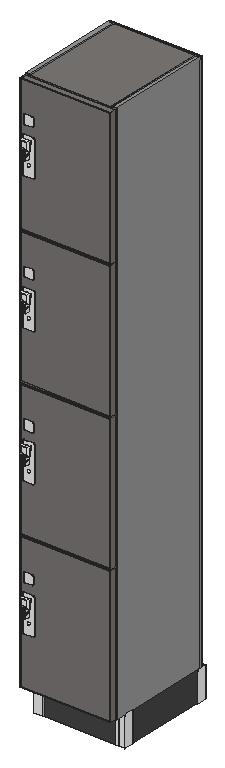
Revit family "Wood_Lockers_Hasps-Salsbury_Industries-44000_Series-1_Wide_Units.rfa", category Specialty Equipment, Revit 2016
Family settings
  Part Type = Normal
  Round Connector Dimension = Use Diameter
  OmniClass Number = 23.40.00.00
  OmniClass Title = Equipment and Furnishings
  Work Plane-Based = No
  Always vertical = Yes
  Cut with Voids When Loaded = No
  Shared = No
  Room Calculation Point = No
Parameters (values of type "44165")
  Width = 12.000"
  Version = "1.0 (01/31/24)"
  Unit Height including Sloping Hood Only [instance] = 77.743"
  Unit Height including Base Only [instance] = 76.000"
  URL = "www.lockers.com"
  Type Comments = "Premier Wood Lockers - Four Tier - with Hasps"
  Total Doors Height [instance] = if(Unit Height = 72.000", 71.750", if(Unit Height = 60.000", 59.750", 0.000"))  # 71.750"
  Sloping Top Corner Filler - Right Side [instance] = Wood Locker Sloping Corner Fillers : None
  Sloping Top Corner Filler - Left Side [instance] = Wood Locker Sloping Corner Fillers : None
  Sloping In-Line Filler - Right Side [instance] = Wood Locker Sloping In-Line Fillers : None
  Sloping In-Line Filler - Left Side [instance] = Wood Locker Sloping In-Line Fillers : None
  Sloping Hood Height = if(Depth = 15.000", 5.743", if(Depth = 18.000", 6.868", if(Depth = 21.000", 7.993", if(Depth = 24.000", 9.118", 0.000"))))  # 5.743"
  Sloping Hood [instance] = Wood Locker Sloping Hoods : None
  Side Panel without Slope - Right Side [instance] = Wood Locker Side Panels-No Slope : None
  Side Panel without Slope - Left Side [instance] = Wood Locker Side Panels-No Slope : None
  Side Panel with Slope - Right Side [instance] = Wood Locker Side Panels-With Slope : None
  Side Panel with Slope - Left Side [instance] = Wood Locker Side Panels-With Slope : None
  Secondary Structure Materials = Particle Board Industrial Grade - Salsbury Finish - Black Melamine Overlay
  Primary Structure Materials = Particle Board Industrial Grade - Salsbury Finish - Plain
  Overall Unit Height including Base and Sloping Hood [instance] = 81.743"
  OmniClass 23 Title = "Equipment and Furnishings"
  OmniClass 23 Number = "23.40.00.00"
  Model = "44165"
  MasterFormat Title = "Lockers"
  MasterFormat Code = "10 51 23"
  Manufacturer = "Salsbury Industries"
  Laminate Surface [instance] = Industrial Grade Particleboard with Wood Laminate - Salsbury Finish - Skyline Walnut
  Interior Material = Textured Melamine - Salsbury Finish - White
  Individual Door Width [instance] = 11.875"
  Unit Height = 72.000"
  Individual Door Height = if(Unit Height = 72.000", 17.796", if(Unit Height = 60.000", 14.796", 0.000"))  # 17.796"
  Hardware = Aluminum - Salsbury Finish - Black Satin
  Front Vertical Filler - Right Side [instance] = Wood Locker Front Fillers : None
  Front Vertical Filler - Left Side [instance] = Wood Locker Front Fillers : None
  Front Corner Filler - Right Side [instance] = Wood Locker Front Corner Filler : None
  Front Corner Filler - Left Side [instance] = Wood Locker Front Corner Filler : None
  Flat Top In-Line Filler - Right Side [instance] = Wood Locker Flat In-Line Fillers : None
  Flat Top In-Line Filler - Left Side [instance] = Wood Locker Flat In-Line Fillers : None
  Flat Top Corner Filler - Right Side [instance] = Wood Locker Flat Corner Fillers : None
  Flat Top Corner Filler - Left Side [instance] = Wood Locker Flat Corner Fillers : None
  Fascia Filler [instance] = Wood Locker Fascia Fillers : None
  Double Side Panel without Slope - Right Side [instance] = Wood Locker Double Side Panels-No Slope : None
  Double Side Panel without Slope - Left Side [instance] = Wood Locker Double Side Panels-No Slope : None
  Double Side Panel with Slope - Right Side [instance] = Wood Locker Double Side Panels-With Slope : None
  Double Side Panel with Slope - Left Side [instance] = Wood Locker Double Side Panels-With Slope : None
  Door Location D1 = Premier Locker Doors_Hasp : Four Tier Door for Six Foot High Locker
  Description = "1 Wide - 6 Feet High - 15 inches Deep - with Base"
  Depth = 15.000"
  Compartment Width [instance] = 10.750"
  Compartment Height [instance] = if(Unit Height = 72.000", 17.063", if(Unit Height = 60.000", 14.063", 0.000"))  # 17.063"
  Compartment Depth [instance] = 13.750"
  Base Material = Particle Board Industrial Grade - Salsbury Finish - Black Melamine Overlay
  Base Height = 4.000"
  Base Depth [instance] = 13.250"
  Base = Wood Locker Bases : Base - 12" W x 15" D Lockers
  Assembly Code = "C1030310"
Reference planes (in)
  plane 1 "Center (Front/Back)": y = 0
  plane 2: z = 0
  plane 3 "Center (Left/Right)": x = 0
  plane 4 "Right Side of Unit": x = 6
  plane 5 "Left Side of Unit": x = -6
  plane 6 "Back of Unit": y = 7.5
  plane 7 "Front of Unit": y = -7.5
  plane 8 "Bottom of Base": z = 0
  plane 9 "Top Edge of Unit": z = 76
  plane 10 "Top of Base Edge": z = 4
  plane 11: z = 81.743
  plane 12 "Right Compartment Edge": x = 5.406
  plane 13 "Left Compartment Edge": x = -5.406
  plane 14 "Front Melamine Edge": y = -6.5
  plane 15 "Back Compartment Edge": y = 7.281
  plane 16 "Front Compartment Edge": y = -6.469
  plane 17 "Front Edge of Base": y = -5.125
  plane 18 "Bottom Edge of Door": z = 4.125
  plane 19 "Top Edge of Door": z = 75.875
  plane 20 "Bottom Compartment Edge": z = 4.75
  plane 21 "Top Compartment Edge": z = 75.25
  plane 22 "Center Top and Bottom": z = 40
  plane 23 "Left Melamine Edge": x = -5.375
  plane 24 "Right Melamine Edge": x = 5.375
  plane 25 "Back Melamine Edge": y = 7.25
  plane 26 "Left Edge of Door": x = -5.875
  plane 27: y = 8.125
  plane 28: y = -5.75
  plane 29 "Base / Ventillation Alignment": y = 8.125
  plane 30 "Compartment Shelf 3": z = 22.563
  plane 31: z = 21.813
  plane 32: z = 21.921
  plane 33: z = 22.109
  plane 34: z = 39.626
  plane 35 "Compartment Shelf 2": z = 40.376
  plane 36: z = 39.905
  plane 37: z = 40.093
  plane 38: z = 57.439
  plane 39 "Compartment Shelf 1": z = 58.189
  plane 40: z = 57.889
  plane 41: z = 58.077
Forms (in)
  Extrusion 1, solid, material "Particle Board Industrial Grade - Salsbury Finish - Plain" <- "Primary Structure Materials"
    sketch origin (6, 0, 0) x (0, -1, 0) y (0, 0, 1)
      loop
        line (6.469, 76) -> (-7.25, 76) -> (-7.25, 4) -> (6.469, 4) -> (6.469, 76)
    from 0 to 0.594
  Extrusion 2, solid, material "Particle Board Industrial Grade - Salsbury Finish - Plain" <- "Primary Structure Materials"
    sketch origin (-6, 0, 0) x (0, -1, 0) y (0, 0, 1)
      loop
        line (-7.25, 76) -> (-7.25, 4) -> (6.469, 4) -> (6.469, 76) -> (-7.25, 76)
    from 0 to -0.594
  Extrusion 3, solid, material "Textured Melamine - Salsbury Finish - White" <- "Interior Material"
    sketch origin (0, 0, 4) x (0, -1, 0) y (1, 0, 0)
      loop
        line (-7.25, -5.375) -> (6.469, -5.375) -> (6.469, 5.375) -> (-7.25, 5.375) -> (-7.25, -5.375)
    from 0 to 0.75
  Extrusion 4, solid, material "Industrial Grade Particleboard with Wood Laminate - Salsbury Finish - Skyline Walnut" <- "Laminate Surface"
    sketch origin (0.375, 0.375, 76) x (1, 0, 0) y (0, 1, 0)
      loop
        line (-5.75, -6.875) -> (5, -6.875) -> (5, 6.875) -> (-5.75, 6.875) -> (-5.75, -6.875)
    from 0 to -0.75
  Extrusion 5, solid, material "Particle Board Industrial Grade - Salsbury Finish - Plain" <- "Primary Structure Materials"
    sketch origin (0, 7.5, 0) x (1, 0, 0) y (0, 0, 1)
      loop
        line (-6, 76) -> (-6, 4) -> (6, 4) -> (6, 76) -> (-6, 76)
    from 0 to 0.219
  Extrusion 6, solid, material "Industrial Grade Particleboard with Wood Laminate - Salsbury Finish - Skyline Walnut" <- "Laminate Surface"
    sketch origin (0, -6.469, 0) x (1, 0, 0) y (0, 0, 1)
      loop
        line (-6, 76) -> (-6, 4) -> (-5.375, 4) -> (-5.375, 76) -> (-6, 76)
    from 0 to 0.031
  Extrusion 7, solid, material "Industrial Grade Particleboard with Wood Laminate - Salsbury Finish - Skyline Walnut" <- "Laminate Surface"
    sketch origin (0, -6.469, 0) x (-1, 0, 0) y (0, 0, -1)
      loop
        line (-6, -76) -> (-5.375, -76) -> (-5.375, -4) -> (-6, -4) -> (-6, -76)
    from 0 to 0.031
  Extrusion 8, solid, material "Textured Melamine - Salsbury Finish - White" <- "Interior Material"
    sketch origin (0, 7.25, 0) x (1, 0, 0) y (0, 0, 1)
      loop
        line (-6, 76) -> (-6, 4) -> (6, 4) -> (6, 76) -> (-6, 76)
    from -0.031 to 0
  Extrusion 9, solid, material "Textured Melamine - Salsbury Finish - White" <- "Interior Material"
    sketch origin (-5.406, 0, 0) x (0, -1, 0) y (0, 0, 1)
      loop
        line (-7.25, 76) -> (-7.25, 4) -> (6.469, 4) -> (6.469, 76) -> (-7.25, 76)
    from 0 to -0.031
  Extrusion 10, solid, material "Textured Melamine - Salsbury Finish - White" <- "Interior Material"
    sketch origin (5.406, 0, 0) x (0, -1, 0) y (0, 0, 1)
      loop
        line (6.469, 76) -> (-7.25, 76) -> (-7.25, 4) -> (6.469, 4) -> (6.469, 76)
    from 0 to 0.031
  Extrusion 11, solid, material "Textured Melamine - Salsbury Finish - White" <- "Interior Material", detail levels fine
    sketch origin (0, 0, 22.563) x (0, -1, 0) y (1, 0, 0)
      loop
        line (-7.25, -5.375) -> (6.469, -5.375) -> (6.469, 5.375) -> (-7.25, 5.375) -> (-7.25, -5.375)
    from 0 to -0.75
  Extrusion 12, solid, material "Textured Melamine - Salsbury Finish - White" <- "Interior Material", detail levels fine
    sketch origin (0, 0, 40.376) x (0, -1, 0) y (1, 0, 0)
      loop
        line (-7.25, -5.375) -> (6.469, -5.375) -> (6.469, 5.375) -> (-7.25, 5.375) -> (-7.25, -5.375)
    from 0 to -0.75
  Extrusion 13, solid, material "Textured Melamine - Salsbury Finish - White" <- "Interior Material", detail levels fine
    sketch origin (0, 0, 58.189) x (0, -1, 0) y (1, 0, 0)
      loop
        line (-7.25, -5.375) -> (6.469, -5.375) -> (6.469, 5.375) -> (-7.25, 5.375) -> (-7.25, -5.375)
    from 0 to -0.75
  Extrusion 14, solid, material "Industrial Grade Particleboard with Wood Laminate - Salsbury Finish - Skyline Walnut" <- "Laminate Surface"
    sketch origin (0, -6.5, 0) x (1, 0, 0) y (0, 0, 1)
      loop
        line (-5.375, 58.189) -> (-5.375, 57.439) -> (5.375, 57.439) -> (5.375, 58.189) -> (-5.375, 58.189)
    from 0 to -0.031
  Extrusion 15, solid, material "Industrial Grade Particleboard with Wood Laminate - Salsbury Finish - Skyline Walnut" <- "Laminate Surface"
    sketch origin (0, -6.5, 0) x (1, 0, 0) y (0, 0, 1)
      loop
        line (-5.375, 40.376) -> (-5.375, 39.626) -> (5.375, 39.626) -> (5.375, 40.376) -> (-5.375, 40.376)
    from 0 to -0.031
  Extrusion 16, solid, material "Industrial Grade Particleboard with Wood Laminate - Salsbury Finish - Skyline Walnut" <- "Laminate Surface"
    sketch origin (0, -6.5, 0) x (1, 0, 0) y (0, 0, 1)
      loop
        line (-5.375, 22.563) -> (-5.375, 21.813) -> (5.375, 21.813) -> (5.375, 22.563) -> (-5.375, 22.563)
    from 0 to -0.031
  Extrusion 17, solid, material "Industrial Grade Particleboard with Wood Laminate - Salsbury Finish - Skyline Walnut" <- "Laminate Surface"
    sketch origin (0, -6.5, 0) x (1, 0, 0) y (0, 0, 1)
      loop
        line (-5.375, 4.75) -> (-5.375, 4) -> (5.375, 4) -> (5.375, 4.75) -> (-5.375, 4.75)
    from 0 to -0.031
Lines and regions (in)
  symbolic lines
    curve 1: line (-6, 7.25, 76) -> (6.00006, 7.25, 76)
    curve 2: line (-6, 7.25, 0) -> (-6, 7.25, 76)
    curve 3: line (6.00006, 7.25, 76) -> (6.00006, 7.25, 0)
    curve 4: line (5.406, -6.5, 76) -> (5.406, 8.125, 76)
    curve 5: line (5.406, -6.5, 0) -> (5.406, -6.5, 76)
    curve 6: line (5.406, 8.125, 76) -> (5.406, 8.125, 0)
    curve 7: line (6.00006, 7.25, 0) -> (-6, 7.25, 0)
    curve 8: line (5.406, -5.125, 0) -> (5.406, 8.125, 0)
    curve 9: line (5.406, 8.125, 0) -> (5.406, -5.125, 0)
    curve 10: line (5.406, -6.5, 0) -> (5.406, 8.125, 0)
    curve 11: line (-6, 8.125, 0) -> (6, 8.125, 0)
    curve 12: line (-6, -6.5, 0) -> (-6, 8.125, 0)
    curve 13: line (6, -6.5, 0) -> (-6, -6.5, 0)
    curve 14: line (6, 8.125, 0) -> (6, -6.5, 0)
Dimensions and locks (in)
  equal spacing: plane 5 "Left Side of Unit", plane 3 "Center (Left/Right)", plane 4 "Right Side of Unit"
  "Width": plane 5 "Left Side of Unit" to plane 4 "Right Side of Unit"
  equal spacing: plane 7 "Front of Unit", plane 1 "Center (Front/Back)", plane 6 "Back of Unit"
  "Depth": plane 7 "Front of Unit" to plane 6 "Back of Unit"
  "Base Height": plane 10 "Top of Base Edge" to plane 8 "Bottom of Base"
  "Unit Height": plane 9 "Top Edge of Unit" to plane 10 "Top of Base Edge"
  "Sloping Hood Height": plane 11 to plane 9 "Top Edge of Unit"
  locked: plane 12 "Right Compartment Edge" to plane 4 "Right Side of Unit" at 0.594
  locked: plane 5 "Left Side of Unit" to plane 13 "Left Compartment Edge" at 0.594
  locked: plane 7 "Front of Unit" to plane 14 "Front Melamine Edge" at 1
  locked: plane 15 "Back Compartment Edge" to plane 6 "Back of Unit" at 0.219
  locked: plane 14 "Front Melamine Edge" to plane 16 "Front Compartment Edge" at 0.031
  plane 18 "Bottom Edge of Door" to plane 10 "Top of Base Edge" = 0.125"
  plane 9 "Top Edge of Unit" to plane 19 "Top Edge of Door" = 0.125"
  plane 20 "Bottom Compartment Edge" to plane 10 "Top of Base Edge" = 0.750"
  plane 9 "Top Edge of Unit" to plane 21 "Top Compartment Edge" = 0.750"
  equal spacing: plane 9 "Top Edge of Unit", plane 22 "Center Top and Bottom", plane 10 "Top of Base Edge"
  locked: plane 24 "Right Melamine Edge" to plane 12 "Right Compartment Edge" at 0.031
  locked: plane 13 "Left Compartment Edge" to plane 23 "Left Melamine Edge" at 0.031
  locked: plane 25 "Back Melamine Edge" to plane 15 "Back Compartment Edge" at 0.031
  locked: plane 5 "Left Side of Unit" to plane 26 "Left Edge of Door" at 0.125
  "Individual Door Width": plane 26 "Left Edge of Door" to plane 4 "Right Side of Unit"
  "Total Doors Height": plane 19 "Top Edge of Door" to plane 18 "Bottom Edge of Door"
  "Unit Height including Base Only": plane 9 "Top Edge of Unit" to plane 8 "Bottom of Base"
  "Unit Height including Sloping Hood Only": plane 11 to plane 10 "Top of Base Edge"
  "Overall Unit Height including Base and Sloping Hood": plane 11 to plane 8 "Bottom of Base"
  locked: plane 7 "Front of Unit" to plane 17 "Front Edge of Base" at 2.375
  locked: plane 6 "Back of Unit" to plane 27 at 0.625
  "Base Depth": plane 17 "Front Edge of Base" to plane 27
  "Compartment Width": plane 23 "Left Melamine Edge" to plane 24 "Right Melamine Edge"
  "Compartment Height": plane 31 to plane 20 "Bottom Compartment Edge"
  "Compartment Depth": plane 14 "Front Melamine Edge" to plane 25 "Back Melamine Edge"
  locked: plane 14 "Front Melamine Edge" to plane 28 at 0.75
  plane 14 "Front Melamine Edge" to plane 27 = 14.625"
  Extrusion 2 to Extrusion 9 = 13.719"
  plane 6 "Back of Unit" to plane 29 "Base / Ventillation Alignment" = 0.625"
  locked: plane 30 "Compartment Shelf 3" to plane 31 at 0.75
  locked: plane 33 to plane 32 at 0.188
  "Individual Door Height": plane 32 to plane 18 "Bottom Edge of Door"
  locked: plane 35 "Compartment Shelf 2" to plane 34 at 0.75
  locked: plane 37 to plane 36 at 0.188
  "Compartment Height": plane 34 to plane 30 "Compartment Shelf 3"
  "Individual Door Height": plane 36 to plane 33
  locked: plane 39 "Compartment Shelf 1" to plane 38 at 0.75
  locked: plane 41 to plane 40 at 0.188
  "Compartment Height": plane 38 to plane 35 "Compartment Shelf 2"
  "Individual Door Height": plane 40 to plane 37
  aligned and locked: level to plane 2
  aligned and locked: plane 15 "Back Compartment Edge" to Extrusion 5
  aligned and locked: plane 4 "Right Side of Unit" to nested 1
  aligned and locked: plane 18 "Bottom Edge of Door" to nested 1
  aligned and locked: plane 7 "Front of Unit" to nested 1
  aligned and locked: plane 9 "Top Edge of Unit" to nested 2
  aligned and locked: plane 14 "Front Melamine Edge" to nested 2
  aligned and locked: plane 5 "Left Side of Unit" to nested 3
  aligned and locked: plane 14 "Front Melamine Edge" to nested 3
  aligned and locked: plane 9 "Top Edge of Unit" to nested 3
  aligned and locked: plane 4 "Right Side of Unit" to nested 4
  aligned and locked: nested 4 to plane 9 "Top Edge of Unit"
  aligned and locked: nested 4 to plane 14 "Front Melamine Edge"
  aligned and locked: plane 9 "Top Edge of Unit" to nested 5
  aligned and locked: plane 28 to nested 5
  aligned and locked: nested 6 to plane 28
  aligned and locked: plane 5 "Left Side of Unit" to nested 6
  aligned and locked: plane 4 "Right Side of Unit" to nested 5
  aligned and locked: nested 6 to plane 9 "Top Edge of Unit"
  aligned and locked: nested 8 to plane 5 "Left Side of Unit"
  aligned and locked: nested 7 to plane 4 "Right Side of Unit"
  aligned and locked: plane 14 "Front Melamine Edge" to nested 7
  aligned and locked: nested 8 to plane 14 "Front Melamine Edge"
  aligned and locked: plane 10 "Top of Base Edge" to nested 7
  aligned and locked: nested 8 to plane 10 "Top of Base Edge"
  aligned and locked: plane 5 "Left Side of Unit" to nested 9
  aligned and locked: plane 4 "Right Side of Unit" to nested 10
  aligned and locked: nested 10 to plane 10 "Top of Base Edge"
  aligned and locked: plane 10 "Top of Base Edge" to nested 9
  aligned and locked: plane 16 "Front Compartment Edge" to nested 10
  aligned and locked: nested 9 to plane 14 "Front Melamine Edge"
  aligned and locked: plane 4 "Right Side of Unit" to nested 11
  aligned and locked: nested 11 to plane 10 "Top of Base Edge"
  aligned and locked: plane 14 "Front Melamine Edge" to nested 11
  aligned and locked: plane 14 "Front Melamine Edge" to nested 12
  aligned and locked: nested 12 to nested 4
  aligned and locked: plane 10 "Top of Base Edge" to nested 12
  aligned and locked: nested 13 to plane 5 "Left Side of Unit"
  aligned and locked: nested 13 to plane 14 "Front Melamine Edge"
  aligned and locked: nested 13 to plane 10 "Top of Base Edge"
  aligned and locked: plane 14 "Front Melamine Edge" to nested 14
  aligned and locked: nested 14 to plane 4 "Right Side of Unit"
  aligned and locked: nested 15 to plane 14 "Front Melamine Edge"
  aligned and locked: nested 15 to plane 5 "Left Side of Unit"
  aligned and locked: plane 10 "Top of Base Edge" to nested 14
  aligned and locked: nested 15 to plane 10 "Top of Base Edge"
  aligned and locked: plane 14 "Front Melamine Edge" to nested 16
  aligned and locked: plane 4 "Right Side of Unit" to nested 16
  aligned and locked: nested 17 to plane 14 "Front Melamine Edge"
  aligned and locked: plane 5 "Left Side of Unit" to nested 17
  aligned and locked: nested 16 to plane 8 "Bottom of Base"
  aligned and locked: nested 17 to plane 8 "Bottom of Base"
  aligned and locked: nested 18 to plane 5 "Left Side of Unit"
  aligned and locked: nested 19 to plane 4 "Right Side of Unit"
  aligned and locked: nested 19 to plane 14 "Front Melamine Edge"
  aligned and locked: plane 14 "Front Melamine Edge" to nested 18
  aligned and locked: plane 8 "Bottom of Base" to nested 19
  aligned and locked: nested 18 to plane 8 "Bottom of Base"
  aligned and locked: plane 17 "Front Edge of Base" to nested 20
  aligned and locked: plane 9 "Top Edge of Unit" to nested 21
  aligned and locked: plane 5 "Left Side of Unit" to nested 21
  aligned and locked: nested 22 to plane 9 "Top Edge of Unit"
  aligned and locked: plane 4 "Right Side of Unit" to nested 22
  aligned and locked: nested 22 to plane 14 "Front Melamine Edge"
  aligned and locked: nested 21 to plane 14 "Front Melamine Edge"
  aligned and locked: nested 24 to plane 9 "Top Edge of Unit"
  aligned and locked: plane 4 "Right Side of Unit" to nested 24
  aligned and locked: nested 23 to plane 9 "Top Edge of Unit"
  aligned and locked: plane 5 "Left Side of Unit" to nested 23
  aligned and locked: nested 24 to plane 28
  aligned and locked: nested 23 to plane 28
  aligned and locked: plane 14 "Front Melamine Edge" to nested 25
  aligned and locked: plane 9 "Top Edge of Unit" to nested 25
  aligned and locked: plane 8 "Bottom of Base" to nested 20
  aligned and locked: plane 3 "Center (Left/Right)" to nested 20
  aligned and locked: plane 25 "Back Melamine Edge" to Extrusion 3 sketch curve
  aligned and locked: Extrusion 3 sketch curve to plane 23 "Left Melamine Edge"
  aligned and locked: plane 24 "Right Melamine Edge" to Extrusion 3 sketch curve
  aligned and locked: Extrusion 4 to plane 9 "Top Edge of Unit"
  aligned and locked: plane 21 "Top Compartment Edge" to Extrusion 4
  aligned and locked: Extrusion 2 sketch curve to plane 9 "Top Edge of Unit"
  aligned and locked: plane 16 "Front Compartment Edge" to Extrusion 2 sketch curve
  aligned and locked: Extrusion 2 sketch curve to plane 25 "Back Melamine Edge"
  aligned and locked: plane 10 "Top of Base Edge" to Extrusion 2 sketch curve
  aligned and locked: Extrusion 2 to plane 13 "Left Compartment Edge"
  aligned and locked: plane 5 "Left Side of Unit" to Extrusion 2
  aligned and locked: plane 10 "Top of Base Edge" to Extrusion 9 sketch curve
  aligned and locked: Extrusion 9 sketch curve to plane 25 "Back Melamine Edge"
  aligned and locked: Extrusion 9 sketch curve to plane 9 "Top Edge of Unit"
  aligned and locked: Extrusion 1 sketch curve to plane 16 "Front Compartment Edge"
  aligned and locked: plane 9 "Top Edge of Unit" to Extrusion 1 sketch curve
  aligned and locked: Extrusion 1 sketch curve to plane 10 "Top of Base Edge"
  aligned and locked: plane 25 "Back Melamine Edge" to Extrusion 1 sketch curve
  aligned and locked: Extrusion 1 to plane 4 "Right Side of Unit"
  aligned and locked: plane 12 "Right Compartment Edge" to Extrusion 1
  aligned and locked: Extrusion 10 sketch curve to plane 10 "Top of Base Edge"
  aligned and locked: plane 25 "Back Melamine Edge" to Extrusion 10 sketch curve
  aligned and locked: Extrusion 10 sketch curve to plane 16 "Front Compartment Edge"
  aligned and locked: plane 9 "Top Edge of Unit" to Extrusion 10 sketch curve
  aligned and locked: Extrusion 10 to plane 12 "Right Compartment Edge"
  aligned and locked: plane 24 "Right Melamine Edge" to Extrusion 10
  aligned and locked: Extrusion 8 sketch curve to plane 10 "Top of Base Edge"
  aligned and locked: plane 4 "Right Side of Unit" to Extrusion 8 sketch curve
  aligned and locked: plane 9 "Top Edge of Unit" to Extrusion 8 sketch curve
  aligned and locked: Extrusion 8 sketch curve to plane 5 "Left Side of Unit"
  aligned and locked: Extrusion 8 to plane 15 "Back Compartment Edge"
  aligned and locked: plane 25 "Back Melamine Edge" to Extrusion 8
  aligned and locked: plane 9 "Top Edge of Unit" to Extrusion 5 sketch curve
  aligned and locked: Extrusion 5 sketch curve to plane 5 "Left Side of Unit"
  aligned and locked: Extrusion 5 sketch curve to plane 10 "Top of Base Edge"
  aligned and locked: plane 4 "Right Side of Unit" to Extrusion 5 sketch curve
  aligned and locked: Extrusion 7 sketch curve to plane 9 "Top Edge of Unit"
  aligned and locked: Extrusion 7 sketch curve to plane 4 "Right Side of Unit"
  aligned and locked: plane 24 "Right Melamine Edge" to Extrusion 7 sketch curve
  aligned and locked: plane 10 "Top of Base Edge" to Extrusion 7 sketch curve
  aligned and locked: Extrusion 7 to plane 16 "Front Compartment Edge"
  aligned and locked: plane 14 "Front Melamine Edge" to Extrusion 7
  aligned and locked: Extrusion 6 sketch curve to plane 10 "Top of Base Edge"
  aligned and locked: plane 23 "Left Melamine Edge" to Extrusion 6 sketch curve
  aligned and locked: Extrusion 6 sketch curve to plane 5 "Left Side of Unit"
  aligned and locked: plane 9 "Top Edge of Unit" to Extrusion 6 sketch curve
  aligned and locked: Extrusion 6 to plane 16 "Front Compartment Edge"
  aligned and locked: plane 14 "Front Melamine Edge" to Extrusion 6
  aligned and locked: plane 16 "Front Compartment Edge" to Extrusion 9
  aligned and locked: plane 13 "Left Compartment Edge" to Extrusion 9
  aligned and locked: nested 3 to curve 1
  aligned and locked: curve 2 to nested 17
  aligned and locked: curve 4 to nested 2
  aligned and locked: nested 16 to curve 5
  aligned and locked: curve 9 to nested 20
  aligned and locked: curve 10 to nested 16
  aligned and locked: curve 13 to plane 14 "Front Melamine Edge"
  aligned and locked: curve 12 to plane 5 "Left Side of Unit"
  aligned and locked: plane 29 "Base / Ventillation Alignment" to curve 11
  aligned and locked: plane 3 "Center (Left/Right)" to nested 2
  aligned and locked: plane 3 "Center (Left/Right)" to nested 25
  aligned and locked: plane 29 "Base / Ventillation Alignment" to curve 6
  aligned and locked: plane 25 "Back Melamine Edge" to Extrusion 11 sketch curve
  aligned and locked: Extrusion 11 sketch curve to plane 23 "Left Melamine Edge"
  aligned and locked: plane 24 "Right Melamine Edge" to Extrusion 11 sketch curve
  aligned and locked: plane 25 "Back Melamine Edge" to Extrusion 12 sketch curve
  aligned and locked: plane 24 "Right Melamine Edge" to Extrusion 12 sketch curve
  aligned and locked: Extrusion 12 sketch curve to plane 23 "Left Melamine Edge"
  aligned and locked: plane 33 to nested 26
  aligned and locked: plane 4 "Right Side of Unit" to nested 26
  aligned and locked: plane 4 "Right Side of Unit" to nested 27
  aligned and locked: plane 37 to nested 27
  aligned and locked: plane 7 "Front of Unit" to nested 27
  aligned and locked: plane 7 "Front of Unit" to nested 26
  aligned and locked: plane 25 "Back Melamine Edge" to Extrusion 13 sketch curve
  aligned and locked: plane 24 "Right Melamine Edge" to Extrusion 13 sketch curve
  aligned and locked: Extrusion 13 sketch curve to plane 23 "Left Melamine Edge"
  aligned and locked: plane 41 to nested 28
  aligned and locked: plane 4 "Right Side of Unit" to nested 28
  aligned and locked: plane 7 "Front of Unit" to nested 28
  aligned and locked: plane 14 "Front Melamine Edge" to Extrusion 4
  aligned and locked: plane 16 "Front Compartment Edge" to Extrusion 13
  aligned and locked: plane 16 "Front Compartment Edge" to Extrusion 12
  aligned and locked: plane 16 "Front Compartment Edge" to Extrusion 11
  aligned and locked: plane 16 "Front Compartment Edge" to Extrusion 3
  aligned and locked: Extrusion 14 sketch curve to Extrusion 13  (x4)
  aligned and locked: plane 14 "Front Melamine Edge" to Extrusion 14
  aligned and locked: Extrusion 14 to plane 16 "Front Compartment Edge"
  aligned and locked: Extrusion 15 sketch curve to Extrusion 12  (x4)
  aligned and locked: plane 14 "Front Melamine Edge" to Extrusion 15
  aligned and locked: Extrusion 15 to plane 16 "Front Compartment Edge"
  aligned and locked: Extrusion 16 sketch curve to Extrusion 11  (x4)
  aligned and locked: plane 14 "Front Melamine Edge" to Extrusion 16
  aligned and locked: Extrusion 16 to plane 16 "Front Compartment Edge"
  aligned and locked: Extrusion 17 sketch curve to Extrusion 3  (x3)
  aligned and locked: Extrusion 7 to Extrusion 17 sketch curve
  aligned and locked: plane 14 "Front Melamine Edge" to Extrusion 17
  aligned and locked: Extrusion 17 to plane 16 "Front Compartment Edge"
Automatic sketch dimensions
  Extrusion 9 sketch curve to plane 16 "Front Compartment Edge" = 0.000"
  curve 3 to level = 0.000"
  curve 3 to plane 4 "Right Side of Unit" = 0.00006"
  curve 8 to plane 17 "Front Edge of Base" = 0.000"
  curve 9 to plane 17 "Front Edge of Base" = 0.000"
  curve 13 to plane 4 "Right Side of Unit" = 0.000"
  Extrusion 4 sketch curve to plane 5 "Left Side of Unit" = 0.625"
  plane 17 "Front Edge of Base" to Extrusion 4 sketch curve = 1.375"
  plane 4 "Right Side of Unit" to Extrusion 4 sketch curve = 0.625"
  plane 25 "Back Melamine Edge" to Extrusion 4 sketch curve = 0.000"
  Extrusion 13 sketch curve to plane 14 "Front Melamine Edge" = 0.031"
  Extrusion 12 sketch curve to plane 14 "Front Melamine Edge" = 0.031"
  Extrusion 11 sketch curve to plane 14 "Front Melamine Edge" = 0.031"
  Extrusion 3 sketch curve to plane 14 "Front Melamine Edge" = 0.031"
Nested families (in)
  nested 1: "Premier Locker Doors_Hasp" at (0.0625, -7.125, 4.125), type <- "Door Location D1", type "Four Tier Door for Six Foot High Locker"
  nested 2: "Wood Locker Sloping Hoods" at (0, 0.8125, 76), type <- "Sloping Hood", type "None"
  nested 3: "Wood Locker Sloping Corner Fillers" at (-15.25, 0.5, 76), type <- "Sloping Top Corner Filler - Left Side", type "None"
  nested 4: "Wood Locker Sloping Corner Fillers" at (15.25, 0.5, 76) x (-1, 0, 0) z (0, 0, 1), type <- "Sloping Top Corner Filler - Right Side", type "None"
  nested 5: "Wood Locker Flat Corner Fillers" at (13.5, -2.125, 75.25), type <- "Flat Top Corner Filler - Right Side", type "None"
  nested 6: "Wood Locker Flat Corner Fillers" at (-13.5, -2.125, 75.25) x (-1, 0, 0) z (0, 0, 1), type <- "Flat Top Corner Filler - Left Side", type "None"
  nested 7: "Wood Locker Side Panels-No Slope" at (6.375, 0.5, 4) x (0, 1, 0) z (0, 0, 1), type <- "Side Panel without Slope - Right Side", type "None"
  nested 8: "Wood Locker Side Panels-No Slope" at (-6.375, 0.5, 4) x (0, 1, 0) z (0, 0, 1), type <- "Side Panel without Slope - Left Side", type "None"
  nested 9: "Wood Locker Side Panels-With Slope" at (-6.375, 0.8125, 4) x (0, -1, 0) z (0, 0, 1), type <- "Side Panel with Slope - Left Side", type "None"
  nested 10: "Wood Locker Side Panels-With Slope" at (6.375, 0.8435, 4) x (0, -1, 0) z (0, 0, 1), type <- "Side Panel with Slope - Right Side", type "None"
  nested 11: "Wood Locker Side Panels-With Slope" at (6.375, 0.8125, 4) x (0, -1, 0) z (0, 0, 1), type <- "Side Panel with Slope - Right Side", type "None"
  nested 12: "Wood Locker Double Side Panels-No Slope" at (6.375, 0.5, 4) x (0, 1, 0) z (0, 0, 1), type <- "Double Side Panel without Slope - Right Side", type "None"
  nested 13: "Wood Locker Double Side Panels-No Slope" at (-6.375, 0.5, 4) x (0, 1, 0) z (0, 0, 1), type <- "Double Side Panel without Slope - Left Side", type "None"
  nested 14: "Wood Locker Double Side Panels-With Slope" at (6.375, 0.5, 4) x (0, 1, 0) z (0, 0, 1), type <- "Double Side Panel with Slope - Right Side", type "None"
  nested 15: "Wood Locker Double Side Panels-With Slope" at (-6.375, 0.5, 4) x (0, 1, 0) z (0, 0, 1), type <- "Double Side Panel with Slope - Left Side", type "None"
  nested 16: "Wood Locker Front Fillers" at (13.5, -6.125, 0), type <- "Front Vertical Filler - Right Side", type "None"
  nested 17: "Wood Locker Front Fillers" at (-13.5, -6.125, 0) x (-1, 0, 0) z (0, 0, 1), type <- "Front Vertical Filler - Left Side", type "None"
  nested 18: "Wood Locker Front Corner Filler" at (-7.125, -6.125, 0), type <- "Front Corner Filler - Left Side", type "None"
  nested 19: "Wood Locker Front Corner Filler" at (7.125, -6.125, 0) x (-1, 0, 0) z (0, 0, 1), type <- "Front Corner Filler - Right Side", type "None"
  nested 20: "Wood Locker Bases" at (0, 1.5, 0), type <- "Base", type "Base - 12" W x 15" D Lockers"
  nested 21: "Wood Locker Sloping In-Line Fillers" at (-12, 0.5, 76), type <- "Sloping In-Line Filler - Left Side", type "None"
  nested 22: "Wood Locker Sloping In-Line Fillers" at (12, 0.5, 76) x (-1, 0, 0) z (0, 0, 1), type <- "Sloping In-Line Filler - Right Side", type "None"
  nested 23: "Wood Locker Flat In-Line Fillers" at (-13.5, 0.875, 75.25), type <- "Flat Top In-Line Filler - Left Side", type "None"
  nested 24: "Wood Locker Flat In-Line Fillers" at (13.5, 0.875, 75.25) x (-1, 0, 0) z (0, 0, 1), type <- "Flat Top In-Line Filler - Right Side", type "None"
  nested 25: "Wood Locker Fascia Fillers" at (0, -6.125, 76), type <- "Fascia Filler", type "None"
  nested 26: "Premier Locker Doors_Hasp" at (0.0625, -7.125, 22.109), type <- "Door Location D1", type "Four Tier Door for Six Foot High Locker"
  nested 27: "Premier Locker Doors_Hasp" at (0.0625, -7.125, 40.093), type <- "Door Location D1", type "Four Tier Door for Six Foot High Locker"
  nested 28: "Premier Locker Doors_Hasp" at (0.0625, -7.125, 58.077), type <- "Door Location D1", type "Four Tier Door for Six Foot High Locker"
Definition of nested family "Premier Locker Doors_Hasp"
  Parameters (values of type "Single Tier Door for Six Foot High Locker")
    Width = 11.875"
    Visible Number Plates = yes
    Visible Center Hinge = yes
    Primary Structure Materials = none
    Number Tag-Vertical Offset = 31.625"
    Number Tag-Horizontal Offset = 10.750"
    Number Tag Width = 1.250"
    Number Tag Height = 1.250"
    Model = "Premier Locker Doors"
    Manufacturer = "Salsbury Industries"
    Lock Width = 1.500"
    Lock Height = 4.875"
    Laminate Surface = none
    Height = 71.750"
    Lock Vertical Offset = 35.875"
    Lock Horizontal Offset = 0.375"
    Door Trim = none
    Door Hasps = none
    Depth = 0.750"
    Default Elevation = 48.000"
  Types (8): name | Visible Center Hinge | Number Tag-Vertical Offset | Height | Lock Vertical Offset
    Single Tier Door for Six Foot High Locker | yes | 31.625" | 71.750" | 35.875"
    Double Tier Door-1 for Six Foot High Locker | no | 27.641" | 35.781" | 31.891"
    Double Tier Door-2 for Six Foot High Locker | yes | 2.078" | 35.781" | 6.328"
    Triple Tier Door-1 for Six Foot High Locker | no | 15.651" | 23.791" | 19.901"
    Triple Tier Door-2 for Six Foot High Locker | no | 7.646" | 23.791" | 11.896"
    Triple Tier Door-3 for Six Foot High Locker | no | 2.078" | 23.791" | 6.328"
    Four Tier Door for Six Foot High Locker | no | 4.647" | 17.796" | 8.897"
    Six Tier Door for Six Foot High Locker | no | 1.650" | 11.801" | 5.900"
  Reference planes (in)
    plane 1 "Center (Front/Back)": y = 0
    plane 2: z = 0
    plane 3 "Center (Left/Right)": x = 0
    plane 4 "Left Side of Door": x = -5.9375
    plane 5 "Right Side of Door": x = 5.9375
    plane 6 "Back of Door": y = 0.375
    plane 7 "Front of Door": y = -0.375
    plane 8 "Bottom of Door": z = 0
    plane 9 "Top of Door": z = 71.75
    plane 10 "Center of Door": z = 35.875
    plane 11 "Top of Number Tag": z = 40.75
    plane 12 "Bottom of Number Tag": z = 39.5
    plane 13 "Left Side of Number Tag": x = -5.4375
    plane 14 "Right Side of Number Tag": x = -4.1875
    plane 15 "Horizontal Center of Number Tag": x = -4.8125
    plane 16 "Center of Number Tag": z = 40.125
    plane 17 "Left Side of Lock": x = -5.5625
    plane 18 "Right Side of Lock": x = -4.0625
    plane 19 "Lock Vertical Center": z = 35.875
    plane 20 "Top of Lock": z = 38.3125
    plane 21 "Bottom of Lock": z = 33.4375
    plane 22 "Front of Hasp Stud": y = -0.5
    plane 23 "Left Side of Door-Right Side of Trim": x = -5.8125
    plane 24 "Right Side of Door-Left Side of Trim": x = 5.8125
    plane 25 "Top of Door-Bottom of Trim": z = 71.625
    plane 26 "Bottom of Door-Top of Trim": z = 0.125
    plane 27 "Laminate-Particleboard Line": y = -0.344
    plane 28 "Melamine-Particleboard Line": y = 0.344
    plane 29 "Back of Number Plate Inset": y = -0.313
    plane 30 "Center of Lock": x = -4.8125
    plane 31: y = -0.188
    plane 32 "Door Stopper Plane": y = 0.625
    plane 33: x = -5.4875
    plane 34: z = 71.3
    plane 35 "Top Hinge": z = 68.75
    plane 36: x = 5.3125
    plane 37 "Bottom Hinge": z = 3
    plane 38 "Inner Knob": y = -1.094
    plane 39 "Front of Knob": y = -1.125
    plane 40: z = 37.1875
    plane 41: z = 34.5625
    plane 42: z = 38.1875
    plane 43: x = -4.1875
    plane 44: x = -5.4375
    plane 45: z = 36.9375
    plane 46 "Top of Hole": z = 36.8125
    plane 47: x = -4.6245
    plane 48: x = -5.0005
    plane 49 "Bottom of Hole": z = 35.5625
    plane 50 "Stud Alignment": z = 34.8125
    plane 51 "Center of Handle": z = 37.5625
    plane 52: z = 37.7505
    plane 53: z = 37.3745
    plane 54: z = 37.96546
    plane 55: z = 37.15954
    plane 56 "Front of Latch": y = -1
    plane 57: z = 36.6844
    plane 58: z = 35.6844
    plane 59: z = 36.1844
    plane 60: x = 5.3435
    plane 61: z = 36.6245
    plane 62: z = 35.74816
  Forms (in)
    Extrusion 1, solid, detail levels fine
      sketch origin (0, 0, 0) x (1, 0, 0) y (0, 0, 1)
        loop
          line (-5.9065, 0.031) -> (5.9065, 0.031) -> (5.9065, 71.719) -> (-5.9065, 71.719) -> (-5.9065, 0.031)
      from -0.344 to 0.344
    Extrusion 2, solid, material <- "Laminate Surface", detail levels fine
      sketch origin (0, 0.375, 0) x (1, 0, 0) y (0, 0, 1)
        loop
          line (-5.9065, 0.031) -> (5.9065, 0.031) -> (5.9065, 71.719) -> (-5.9065, 71.719) -> (-5.9065, 0.031)
      from 0.031 to 0
    Extrusion 3, solid, material <- "Laminate Surface"
      sketch origin (0, -0.375, 0) x (1, 0, 0) y (0, 0, 1)
        loop
          line (-5.9065, 0.031) -> (5.9065, 0.031) -> (5.9065, 71.719) -> (-5.9065, 71.719) -> (-5.9065, 0.031)
      from 0 to -0.031
    Sweep 4, solid, material <- "Door Trim"
      path origin (0, 0, 0) x (1, 0, 0) y (0, 0, 1)
        loop
          line (5.8125, 71.625) -> (-5.8125, 71.625) -> (-5.8125, 0.125) -> (5.8125, 0.125) -> (5.8125, 71.625)
      profile origin (0, 0, 71.625) x (0, 0, -1) y (0, -1, 0)
        loop
          line (-0.125, 0.375) -> (-0.125, -0.375) -> (-0.094, -0.375) -> (-0.094, 0.375) -> (-0.125, 0.375)
    Extrusion 5, void
      sketch origin (-1.875, -0.313, 0) x (1, 0, 0) y (0, 0, 1)
        loop
          arc (-3.41334, 40.75) -> (-3.51881, 40.70631) -> (-3.5625, 40.60084) r 0.14916
          line (-3.5625, 40.60084) -> (-3.5625, 39.64916)
          arc (-3.5625, 39.64916) -> (-3.51881, 39.54369) -> (-3.41334, 39.5) r 0.14916
          line (-3.41334, 39.5) -> (-2.46166, 39.5)
          arc (-2.46166, 39.5) -> (-2.35619, 39.54369) -> (-2.3125, 39.64916) r 0.14916
          line (-2.3125, 39.64916) -> (-2.3125, 40.60084)
          arc (-2.3125, 40.60084) -> (-2.35619, 40.70631) -> (-2.46166, 40.75) r 0.14916
          line (-2.46166, 40.75) -> (-3.41334, 40.75)
      from 0 to 0.062
    Extrusion 6, solid, visible <- "Visible Number Plates", detail levels medium+fine
      sketch origin (-1.875, -0.375, 0) x (1, 0, 0) y (0, 0, 1)
        loop
          arc (-3.41334, 40.75) -> (-3.51881, 40.70631) -> (-3.5625, 40.60084) r 0.14916
          line (-3.5625, 40.60084) -> (-3.5625, 39.64916)
          arc (-3.5625, 39.64916) -> (-3.51881, 39.54369) -> (-3.41334, 39.5) r 0.14916
          line (-3.41334, 39.5) -> (-2.46166, 39.5)
          arc (-2.46166, 39.5) -> (-2.35619, 39.54369) -> (-2.3125, 39.64916) r 0.14916
          line (-2.3125, 39.64916) -> (-2.3125, 40.60084)
          arc (-2.3125, 40.60084) -> (-2.35619, 40.70631) -> (-2.46166, 40.75) r 0.14916
          line (-2.46166, 40.75) -> (-3.41334, 40.75)
      from -0.062 to 0
    Extrusion 7, solid, detail levels medium+fine
      sketch origin (0, 0.375, 0) x (1, 0, 0) y (0, 0, 1)
        loop
          circle (-5.4875, 71.3) r 0.25
      from 0 to -0.25
    Extrusion 8, solid, detail levels medium+fine
      sketch origin (0, 0.375, 0) x (1, 0, 0) y (0, 0, 1)
        loop
          line (5.3125, 68.5) -> (5.3125, 69) -> (4.8125, 69) -> (4.8125, 68.5) -> (5.3125, 68.5)
      from 0 to -0.25
    Extrusion 9, solid, detail levels medium+fine
      sketch origin (0, 0.375, -0.25) x (1, 0, 0) y (0, 0, 1)
        loop
          line (5.3125, 3) -> (5.3125, 3.5) -> (4.8125, 3.5) -> (4.8125, 3) -> (5.3125, 3)
      from 0 to -0.25
    Extrusion 10, solid, visible <- "Visible Center Hinge", detail levels medium+fine
      sketch origin (0, 0.375, -0.25) x (1, 0, 0) y (0, 0, 1)
        loop
          line (5.3125, 35.875) -> (5.3125, 36.375) -> (4.8125, 36.375) -> (4.8125, 35.875) -> (5.3125, 35.875)
      from 0 to -0.25
    Extrusion 11, void
      sketch origin (-1.875, -0.375, 0) x (1, 0, 0) y (0, 0, 1)
        loop
          arc (-3.5625, 38.3125) -> (-3.65089, 38.27589) -> (-3.6875, 38.1875) r 0.125
          line (-3.6875, 38.1875) -> (-3.6875, 33.5625)
          arc (-3.6875, 33.5625) -> (-3.65089, 33.47411) -> (-3.5625, 33.4375) r 0.125
          line (-3.5625, 33.4375) -> (-2.3125, 33.4375)
          arc (-2.3125, 33.4375) -> (-2.22411, 33.47411) -> (-2.1875, 33.5625) r 0.125
          line (-2.1875, 33.5625) -> (-2.1875, 38.1875)
          arc (-2.1875, 38.1875) -> (-2.22411, 38.27589) -> (-2.3125, 38.3125) r 0.125
          line (-2.3125, 38.3125) -> (-3.5625, 38.3125)
      from -0.062 to 0
    Extrusion 12, solid
      sketch origin (-1.875, -0.375, 0) x (1, 0, 0) y (0, 0, 1)
        loop
          line (-2.3125, 38.3125) -> (-3.5625, 38.3125)
          arc (-3.5625, 38.3125) -> (-3.65089, 38.27589) -> (-3.6875, 38.1875) r 0.125
          line (-3.6875, 38.1875) -> (-3.6875, 33.5625)
          arc (-3.6875, 33.5625) -> (-3.65089, 33.47411) -> (-3.5625, 33.4375) r 0.125
          line (-3.5625, 33.4375) -> (-2.3125, 33.4375)
          arc (-2.3125, 33.4375) -> (-2.22411, 33.47411) -> (-2.1875, 33.5625) r 0.125
          line (-2.1875, 33.5625) -> (-2.1875, 38.1875)
          arc (-2.1875, 38.1875) -> (-2.22411, 38.27589) -> (-2.3125, 38.3125) r 0.125
      from 0 to -0.062
    Extrusion 13, void
      sketch origin (-1.875, -0.375, 0) x (1, 0, 0) y (0, 0, 1)
        loop
          line (-3.1255, 36.6245) -> (-3.1255, 35.74816)
          arc (-3.1255, 35.74816) -> (-2.9375, 35.56016) -> (-2.7495, 35.74816) r 0.188
          line (-2.7495, 35.74816) -> (-2.7495, 36.6245)
          arc (-2.7495, 36.6245) -> (-2.9375, 36.8125) -> (-3.1255, 36.6245) r 0.188
      from 0 to -0.75
    Sweep 14, solid, detail levels medium+fine
      path origin (-1.875, -0.375, 0) x (1, 0, 0) y (0, 0, 1)
        loop
          circle (-2.9375, 34.8125) r 0.01
      profile origin (-4.8125, -0.375, 34.8225) x (0, 0, -1) y (0, -1, 0)
        loop
          line (0, 0) -> (0, 0.125)
          arc (0, 0.125) -> (-0.10032, 0.09036) -> (-0.156, 0) r 0.15776
          line (-0.156, 0) -> (0, 0)
    Extrusion 15, solid, detail levels medium+fine
      sketch origin (-1.875, -0.375, 0) x (1, 0, 0) y (0, 0, 1)
        loop
          circle (-2.9375, 34.8125) r 0.01
      from 0 to 0.125
    Sweep 16, solid
      path origin (-1.875, -0.375, 0) x (1, 0, 0) y (0, 0, 1)
        loop
          line (-3.5625, 38.1875) -> (-3.5625, 36.9375) -> (-2.3125, 36.9375) -> (-2.3125, 38.1875) -> (-3.5625, 38.1875)
      profile origin (-4.8125, -0.375, 38.1875) x (0, 0, 1) y (0, -1, 0)
        loop
          line (-0.38067, 0) -> (-0.38067, 0.24142)
          arc (-0.38067, 0.24142) -> (-0.34525, 0.34191) -> (-0.25465, 0.39797) r 0.16024
          arc (-0.25465, 0.39797) -> (-0.10494, 0.46941) -> (0, 0.59789) r 0.37946
          spline (0, 0.59789) -> (-0.00179, 0.61485) -> (-0.00715, 0.6316) -> (-0.01601, 0.64793) -> (-0.02825, 0.66364) -> (-0.04373, 0.67852) -> (-0.06225, 0.6924) -> (-0.08358, 0.7051) -> (-0.10745, 0.71647) -> (-0.13357, 0.72635) -> (-0.16161, 0.73463) -> (-0.19123, 0.74121) -> (-0.22204, 0.746)
          arc (-0.22204, 0.746) -> (-0.31051, 0.60028) -> (-0.42829, 0.47704) r 0.78682
          arc (-0.42829, 0.47704) -> (-0.50625, 0.37521) -> (-0.53396, 0.25) r 0.29673
          line (-0.53396, 0.25) -> (-0.53396, 0) -> (-0.38067, 0)
    Blend 17, solid
      base sketch origin (-1.875, -1.125, 0) x (0, 0, -1) y (-1, 0, 0)
        loop
          line (-37.96546, 3.34046) -> (-37.96546, 2.53454) -> (-37.15954, 2.53454) -> (-37.15954, 3.34046) -> (-37.96546, 3.34046)
      top sketch origin (-1.875, -1.125, 0) x (0, 0, -1) y (-1, 0, 0)
        loop
          line (-37.93279, 3.30777) -> (-37.93279, 2.56715) -> (-37.19211, 2.56715) -> (-37.19211, 3.30777) -> (-37.93279, 3.30777)
      from 0 to 0.031
    Extrusion 18, solid
      sketch origin (-4.8125, 0, 0) x (0, 0, -1) y (0, -1, 0)
        loop
          line (-35.6844, 1) -> (-36.6844, 1) -> (-36.6844, -0.375) -> (-35.6844, -0.375) -> (-35.6844, 1)
      from -0.063 to 0.063
    Extrusion 19, void
      sketch origin (-4.8125, 35.51803, 36.85077) x (0, 1, 0) y (0, 0, -1)
        loop
          circle (-36.1844, 0.66637) r 0.25
      from -0.063 to 0.063
  Cuts and joins
    Extrusion 5, Extrusion 13 cuts Extrusion 1
    Extrusion 5, Extrusion 11 cuts Extrusion 3
    Extrusion 13 cuts Extrusion 12
    Extrusion 13 cuts Extrusion 2
    Extrusion 19 cuts Extrusion 18
  Lines and regions (in)
    symbolic lines
      curve 1: line (-5.9375, 0.375, 0) -> (5.9375, 0.375, 0)
      curve 2: line (5.9375, 0.375, 0) -> (5.9375, 0.375, 71.75)
      curve 3: line (5.9375, 0.375, 71.75) -> (-5.9375, 0.375, 71.75)
      curve 4: line (-5.9375, 0.375, 71.75) -> (-5.9375, 0.375, 0)
      curve 5: line (-5.9375, 0.375, 71.625) -> (5.9375, 0.375, 71.625)
      curve 6: line (-5.9375, -0.375, 71.625) -> (-5.9375, 0.375, 71.625)
      curve 7: line (5.9375, -0.375, 71.625) -> (-5.9375, -0.375, 71.625)
      curve 8: line (5.9375, 0.375, 71.625) -> (5.9375, -0.375, 71.625)
      curve 9: line (5.3125, 0.375, 71.625) -> (5.3125, 0.625, 71.625)
      curve 10: line (5.3125, 0.625, 71.625) -> (4.8125, 0.625, 71.625)
      curve 11: line (4.8125, 0.625, 71.625) -> (4.8125, 0.375, 71.625)
      curve 12: line (-5.73713, 0.375, 71.625) -> (-5.73713, 0.625, 71.625)
      curve 13: line (-5.2375, 0.375, 71.625) -> (-5.2375, 0.625, 71.625)
      curve 14: line (-5.2375, 0.625, 71.625) -> (-5.73713, 0.625, 71.625)
      curve 15: line (-4.8125, -0.375, 71.75) -> (-4.8125, 0.375, 71.75)
      curve 16: line (-4.8125, -0.375, 0) -> (-4.8125, -0.375, 71.75)
      curve 17: line (-4.8125, 0.375, 0) -> (-4.8125, -0.375, 0)
      curve 18: line (-4.8125, 0.375, 71.75) -> (-4.8125, 0.375, 0)
      curve 19: line (-4.8125, 0.375, 69) -> (-4.8125, 0.625, 69)
      curve 20: line (-4.8125, 0.625, 69) -> (-4.8125, 0.625, 68.5)
      curve 21: line (-4.8125, 0.625, 68.5) -> (-4.8125, 0.375, 68.5)
      curve 22: line (-4.8125, 0.375, 3.25) -> (-4.8125, 0.625, 3.25)
      curve 23: line (-4.8125, 0.625, 3.25) -> (-4.8125, 0.625, 2.75)
      curve 24: line (-4.8125, 0.625, 2.75) -> (-4.8125, 0.375, 2.75)
      curve 25: line (-4.8125, 0.375, 36.125) -> (-4.8125, 0.625, 36.125)
      curve 26: line (-4.8125, 0.625, 36.125) -> (-4.8125, 0.625, 35.625)
      curve 27: line (-4.8125, 0.625, 35.625) -> (-4.8125, 0.375, 35.625)
      curve 28: line (-5.5625, -0.375, 71.625) -> (-4.0625, -0.375, 71.625)
      curve 29: line (-5.4375, -1.125, 38.3125) -> (-4.1875, -1.125, 38.3125)
      curve 30: arc (-4.0625, -1.125, 38.1875) -> (-4.09911, -1.125, 38.27589) -> (-4.1875, -1.125, 38.3125) r 0.125
      curve 31: arc (-5.4375, -1.125, 38.3125) -> (-5.52589, -1.125, 38.27589) -> (-5.5625, -1.125, 38.1875) r 0.125
      curve 32: line (-5.5625, -1.125, 33.5625) -> (-5.5625, -1.125, 38.1875)
      curve 33: line (-4.0625, -1.125, 38.1875) -> (-4.0625, -1.125, 33.5625)
      curve 34: arc (-4.1875, -1.125, 33.4375) -> (-4.09911, -1.125, 33.47411) -> (-4.0625, -1.125, 33.5625) r 0.125
      curve 35: arc (-5.5625, -1.125, 33.5625) -> (-5.52589, -1.125, 33.47411) -> (-5.4375, -1.125, 33.4375) r 0.125
      curve 36: line (-4.1875, -1.125, 33.4375) -> (-5.4375, -1.125, 33.4375)
      curve 37: arc (-4.6245, -1.125, 36.6245) -> (-4.8125, -1.125, 36.8125) -> (-5.0005, -1.125, 36.6245) r 0.188
      curve 38: arc (-5.0005, -1.125, 35.7505) -> (-4.8125, -1.125, 35.5625) -> (-4.6245, -1.125, 35.7505) r 0.188
      curve 39: line (-4.6245, -1.125, 36.6245) -> (-4.6245, -1.125, 35.7505)
      curve 40: line (-5.0005, -1.125, 35.7505) -> (-5.0005, -1.125, 36.6245)
      curve 41: line (-4.1875, -1.125, 36.9375) -> (-5.4375, -1.125, 36.9375)
      curve 42: line (-4.1875, -1.125, 38.1875) -> (-4.1875, -1.125, 36.9375)
      curve 43: line (-5.4375, -1.125, 36.9375) -> (-5.4375, -1.125, 38.1875)
      curve 44: line (-5.4375, -1.125, 38.1875) -> (-4.1875, -1.125, 38.1875)
      curve 45: line (-4.8755, -1.125, 36.6844) -> (-4.7495, -1.125, 36.6844)
      curve 46: line (-4.7495, -1.125, 36.6844) -> (-4.7495, -1.125, 35.6844)
      curve 47: line (-4.8755, -1.125, 35.6844) -> (-4.8755, -1.125, 36.6844)
      curve 48: line (-4.7495, -1.125, 35.6844) -> (-4.8755, -1.125, 35.6844)
      curve 49: line (-4.8125, -1, 36.6844) -> (-4.8125, -0.375, 36.6844)
      curve 50: line (-4.8125, -1, 35.6844) -> (-4.8125, -1, 36.6844)
      curve 51: line (-4.8125, -0.375, 35.6844) -> (-4.8125, -1, 35.6844)
      curve 52: arc (-4.8125, -0.91637, 36.1844) -> (-4.8125, -0.66637, 36.4344) -> (-4.8125, -0.41637, 36.1844) r 0.25
      curve 53: arc (-4.8125, -0.41637, 36.1844) -> (-4.8125, -0.66637, 35.9344) -> (-4.8125, -0.91637, 36.1844) r 0.25
      curve 54: line (-4.8125, -0.375, 37.31817) -> (-4.8125, -0.61642, 37.31817)
      curve 55: arc (-4.8125, -0.77297, 37.19215) -> (-4.8125, -0.71691, 37.28275) -> (-4.8125, -0.61642, 37.31817) r 0.16024
      curve 56: arc (-4.8125, -0.97289, 36.9375) -> (-4.8125, -0.84441, 37.04244) -> (-4.8125, -0.77297, 37.19215) r 0.37946
      curve 57: spline (-4.8125, -1.121, 37.15954) -> (-4.8125, -1.11621, 37.12873) -> (-4.8125, -1.10963, 37.09911) -> (-4.8125, -1.10135, 37.07107) -> (-4.8125, -1.09147, 37.04495) -> (-4.8125, -1.0801, 37.02108) -> (-4.8125, -1.0674, 36.99975) -> (-4.8125, -1.05352, 36.98123) -> (-4.8125, -1.03864, 36.96575) -> (-4.8125, -1.02293, 36.95351) -> (-4.8125, -1.0066, 36.94465) -> (-4.8125, -0.98985, 36.93929) -> (-4.8125, -0.97289, 36.9375)
      curve 58: line (-4.8125, -1.125, 37.15954) -> (-4.8125, -1.125, 37.96546)
      curve 59: spline (-4.8125, -1.121, 37.96546) -> (-4.8125, -1.11621, 37.99627) -> (-4.8125, -1.10963, 38.02589) -> (-4.8125, -1.10135, 38.05393) -> (-4.8125, -1.09147, 38.08005) -> (-4.8125, -1.0801, 38.10392) -> (-4.8125, -1.0674, 38.12525) -> (-4.8125, -1.05352, 38.14377) -> (-4.8125, -1.03864, 38.15925) -> (-4.8125, -1.02293, 38.17149) -> (-4.8125, -1.0066, 38.18035) -> (-4.8125, -0.98985, 38.18571) -> (-4.8125, -0.97289, 38.1875)
      curve 60: arc (-4.8125, -0.97289, 38.1875) -> (-4.8125, -0.84441, 38.08256) -> (-4.8125, -0.77297, 37.93285) r 0.37946
      curve 61: arc (-4.8125, -0.77297, 37.93285) -> (-4.8125, -0.71691, 37.84225) -> (-4.8125, -0.61642, 37.80683) r 0.16024
      curve 62: line (-4.8125, -0.61642, 37.80683) -> (-4.8125, -0.375, 37.80683)
      curve 63: line (-5.05683, -0.61642, 71.625) -> (-5.05683, -0.375, 71.625)
      curve 64: arc (-5.18285, -0.77297, 71.625) -> (-5.09225, -0.71691, 71.625) -> (-5.05683, -0.61642, 71.625) r 0.16024
      curve 65: arc (-5.4375, -0.97289, 71.625) -> (-5.33256, -0.84441, 71.625) -> (-5.18285, -0.77297, 71.625) r 0.37946
      curve 66: line (-4.40954, -1.125, 71.625) -> (-5.21546, -1.125, 71.625)
      curve 67: spline (-4.40954, -1.121, 71.625) -> (-4.37873, -1.11621, 71.625) -> (-4.34911, -1.10963, 71.625) -> (-4.32107, -1.10135, 71.625) -> (-4.29495, -1.09147, 71.625) -> (-4.27108, -1.0801, 71.625) -> (-4.24975, -1.0674, 71.625) -> (-4.23123, -1.05352, 71.625) -> (-4.21575, -1.03864, 71.625) -> (-4.20351, -1.02293, 71.625) -> (-4.19465, -1.0066, 71.625) -> (-4.18929, -0.98985, 71.625) -> (-4.1875, -0.97289, 71.625)
      curve 68: arc (-4.1875, -0.97289, 71.625) -> (-4.29244, -0.84441, 71.625) -> (-4.44215, -0.77297, 71.625) r 0.37946
      curve 69: arc (-4.44215, -0.77297, 71.625) -> (-4.53275, -0.71691, 71.625) -> (-4.56817, -0.61642, 71.625) r 0.16024
      curve 70: line (-4.56817, -0.375, 71.625) -> (-4.56817, -0.61642, 71.625)
      curve 71: spline (-5.21546, -1.121, 71.625) -> (-5.24627, -1.11621, 71.625) -> (-5.27589, -1.10963, 71.625) -> (-5.30393, -1.10135, 71.625) -> (-5.33005, -1.09147, 71.625) -> (-5.35392, -1.0801, 71.625) -> (-5.37525, -1.0674, 71.625) -> (-5.39377, -1.05352, 71.625) -> (-5.40925, -1.03864, 71.625) -> (-5.42149, -1.02293, 71.625) -> (-5.43035, -1.0066, 71.625) -> (-5.43571, -0.98985, 71.625) -> (-5.4375, -0.97289, 71.625)
    reference lines
      curve 72: line (-5.9375, 0, 71.75) -> (5.3435, 0, 71.75)
      curve 73: line (5.3435, 0, 71.75) -> (-5.9375, 0, 71.75)
  Dimensions and locks (in)
    equal spacing: plane 4 "Left Side of Door", plane 3 "Center (Left/Right)", plane 5 "Right Side of Door"
    "Width": plane 4 "Left Side of Door" to plane 5 "Right Side of Door"
    equal spacing: plane 7 "Front of Door", plane 1 "Center (Front/Back)", plane 6 "Back of Door"
    "Depth": plane 7 "Front of Door" to plane 6 "Back of Door"
    equal spacing: plane 9 "Top of Door", plane 10 "Center of Door", plane 8 "Bottom of Door"
    "Height": plane 9 "Top of Door" to plane 8 "Bottom of Door"
    equal spacing: plane 11 "Top of Number Tag", plane 16 "Center of Number Tag", plane 12 "Bottom of Number Tag"
    "Number Tag Height": plane 11 "Top of Number Tag" to plane 12 "Bottom of Number Tag"
    equal spacing: plane 14 "Right Side of Number Tag", plane 15 "Horizontal Center of Number Tag", plane 13 "Left Side of Number Tag"
    "Number Tag Width": plane 14 "Right Side of Number Tag" to plane 13 "Left Side of Number Tag"
    "Number Tag-Horizontal Offset": plane 15 "Horizontal Center of Number Tag" to plane 5 "Right Side of Door"
    "Number Tag-Vertical Offset": plane 9 "Top of Door" to plane 16 "Center of Number Tag"
    "Lock Horizontal Offset": plane 4 "Left Side of Door" to plane 17 "Left Side of Lock"
    equal spacing: plane 20 "Top of Lock", plane 19 "Lock Vertical Center", plane 21 "Bottom of Lock"
    "Lock Height": plane 20 "Top of Lock" to plane 21 "Bottom of Lock"
    "Lock Vertical Offset": plane 9 "Top of Door" to plane 19 "Lock Vertical Center"
    plane 22 "Front of Hasp Stud" to plane 7 "Front of Door" = 0.125"
    locked: plane 24 "Right Side of Door-Left Side of Trim" to plane 5 "Right Side of Door" at 0.125
    locked: plane 4 "Left Side of Door" to plane 23 "Left Side of Door-Right Side of Trim" at 0.125
    locked: plane 9 "Top of Door" to plane 25 "Top of Door-Bottom of Trim" at 0.125
    plane 26 "Bottom of Door-Top of Trim" to plane 8 "Bottom of Door" = 0.125"
    plane 28 "Melamine-Particleboard Line" to plane 6 "Back of Door" = 0.031"
    plane 7 "Front of Door" to plane 27 "Laminate-Particleboard Line" = 0.031"
    plane 27 "Laminate-Particleboard Line" to plane 29 "Back of Number Plate Inset" = 0.031"
    equal spacing: plane 18 "Right Side of Lock", plane 30 "Center of Lock", plane 17 "Left Side of Lock", locked at 0.75 each
    "Lock Width": plane 18 "Right Side of Lock" to plane 17 "Left Side of Lock"
    plane 22 "Front of Hasp Stud" to plane 31 = 0.312"
    plane 6 "Back of Door" to plane 32 "Door Stopper Plane" = 0.250"
    locked: plane 23 "Left Side of Door-Right Side of Trim" to plane 33 at 0.325
    locked: plane 25 "Top of Door-Bottom of Trim" to plane 34 at 0.325
    locked: plane 9 "Top of Door" to plane 35 "Top Hinge" at 3
    plane 36 to plane 5 "Right Side of Door" = 0.625"
    plane 6 "Back of Door" to plane 28 "Melamine-Particleboard Line" = 0.031"
    plane 9 "Top of Door" to plane 25 "Top of Door-Bottom of Trim" = 0.125"
    plane 7 "Front of Door" to plane 38 "Inner Knob" = 0.719"
    locked: plane 38 "Inner Knob" to plane 39 "Front of Knob" at 0.031
    locked: plane 40 to plane 20 "Top of Lock" at 1.125
    locked: plane 21 "Bottom of Lock" to plane 41 at 1.125
    locked: plane 20 "Top of Lock" to plane 42 at 0.125
    locked: plane 18 "Right Side of Lock" to plane 43 at 0.125
    locked: plane 44 to plane 17 "Left Side of Lock" at 0.125
    plane 42 to plane 45 = 1.250"
    locked: plane 45 to plane 46 "Top of Hole" at 0.125
    plane 48 to plane 30 "Center of Lock" to plane 47 = 0.188" locked, 0.188" locked
    locked: plane 46 "Top of Hole" to plane 49 "Bottom of Hole" at 1.25
    plane 49 "Bottom of Hole" to plane 50 "Stud Alignment" = 0.750"
    locked: plane 42 to plane 51 "Center of Handle" at 0.625
    plane 52 to plane 51 "Center of Handle" to plane 53 = 0.188" locked, 0.188" locked
    plane 7 "Front of Door" to plane 39 "Front of Knob" = 0.750"
    locked: plane 42 to plane 54 at 0.22204
    locked: plane 55 to plane 45 at 0.22204
    locked: plane 7 "Front of Door" to plane 56 "Front of Latch" at 0.625
    locked: plane 57 to plane 58 at 1
    locked: plane 46 "Top of Hole" to plane 57 at 0.1281
    equal spacing: plane 58, plane 59, plane 57
    locked: plane 60 to plane 5 "Right Side of Door" at 0.594
    locked: plane 57 to plane 61 at 0.0599
    locked: plane 62 to plane 58 at 0.06376
    plane 12 "Bottom of Number Tag" to plane 20 "Top of Lock" = 1.1875"
    aligned and locked: level to plane 2
    aligned and locked: Extrusion 5 to plane 11 "Top of Number Tag"
    aligned and locked: plane 12 "Bottom of Number Tag" to Extrusion 5
    aligned and locked: Extrusion 5 to plane 14 "Right Side of Number Tag"
    aligned and locked: Extrusion 5 to plane 13 "Left Side of Number Tag"
    aligned and locked: plane 29 "Back of Number Plate Inset" to Extrusion 5
    aligned and locked: plane 7 "Front of Door" to Extrusion 5
    aligned and locked: plane 29 "Back of Number Plate Inset" to Extrusion 6
    aligned and locked: plane 7 "Front of Door" to Extrusion 6
    aligned and locked: Extrusion 6 to plane 14 "Right Side of Number Tag"
    aligned and locked: Extrusion 6 to plane 13 "Left Side of Number Tag"
    aligned and locked: Extrusion 6 to plane 11 "Top of Number Tag"
    aligned and locked: plane 12 "Bottom of Number Tag" to Extrusion 6
    aligned and locked: curve 9 to Extrusion 8
    aligned and locked: curve 10 to Extrusion 8
    aligned and locked: curve 11 to Extrusion 8
    aligned and locked: Extrusion 7 to curve 12
    aligned and locked: curve 14 to Extrusion 7
    aligned and locked: curve 16 to plane 7 "Front of Door"
    aligned and locked: curve 19 to Extrusion 8  (x2)
    aligned and locked: curve 21 to Extrusion 8
    aligned and locked: curve 18 to curve 22
    aligned and locked: curve 22 to Extrusion 9  (x2)
    aligned and locked: curve 24 to Extrusion 9
    aligned and locked: curve 25 to Extrusion 10
    aligned and locked: curve 26 to Extrusion 10
    aligned and locked: curve 27 to Extrusion 10
    aligned and locked: plane 20 "Top of Lock" to Extrusion 11 sketch curve
    aligned and locked: Extrusion 11 sketch curve to plane 21 "Bottom of Lock"
    aligned and locked: Extrusion 11 to plane 29 "Back of Number Plate Inset"
    aligned and locked: plane 7 "Front of Door" to Extrusion 11
    aligned and locked: Extrusion 3 to Extrusion 11
    aligned and locked: plane 50 "Stud Alignment" to Sweep 14  (x2)
    aligned and locked: Extrusion 15 to plane 7 "Front of Door"
    aligned and locked: Extrusion 15 to plane 22 "Front of Hasp Stud"
    aligned and locked: plane 50 "Stud Alignment" to Extrusion 15
    aligned and locked: Blend 17 to plane 39 "Front of Knob"
    aligned and locked: plane 38 "Inner Knob" to Blend 17
    aligned and locked: plane 6 "Back of Door" to Extrusion 18 sketch curve
    aligned and locked: plane 56 "Front of Latch" to Extrusion 18 sketch curve
    aligned and locked: Extrusion 18 to plane 57
    aligned and locked: plane 58 to Extrusion 18
    aligned and locked: plane 59 to cut or joined group of Extrusion 18, Extrusion 19
